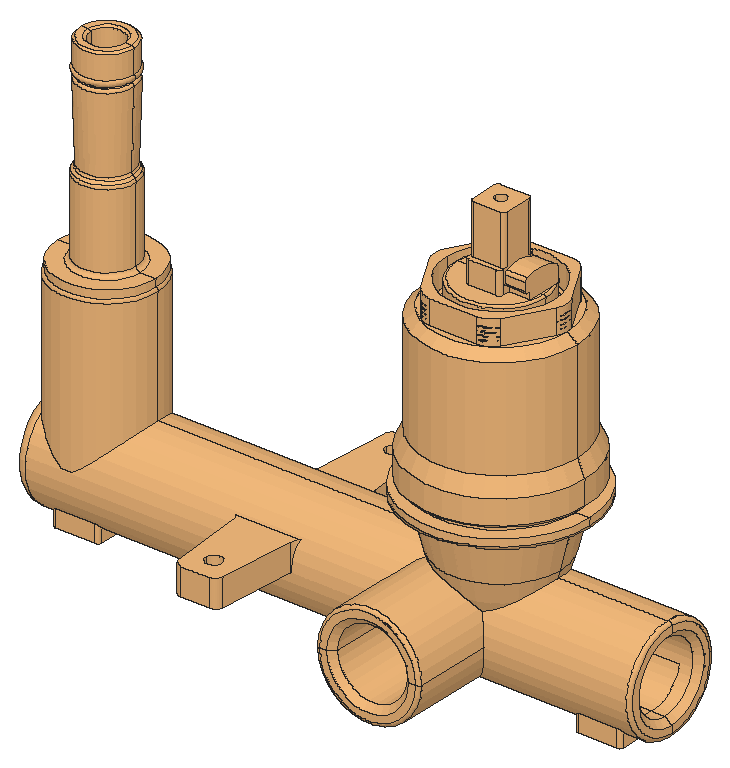
Revit family "Faucet-Valve_Trim-KOHLER-K-26088T_1", category Plumbing Fixtures, host Face, Revit 2017 (continued)
Definition of nested family "K-26088T"
  Lines and regions (in)
    symbolic lines, detail levels medium+fine
      curve 189: line (2.23612, 0.08431, 0) -> (1.76388, 0.08431, 0)
      curve 190: arc (1.76388, 0.08431, 0) -> (1.66546, 0.05794, 0) -> (1.59341, -0.01411, 0) r 0.19685
      curve 191: line (1.59341, -0.01411, 0) -> (1.35729, -0.42308, 0)
      curve 192: arc (1.75536, 0.08413, 0) -> (1.67341, 0.04416, 0) -> (1.59783, -0.00683, 0) r 0.65317
      curve 193: arc (2.40217, -0.00683, 0) -> (2.32659, 0.04416, 0) -> (2.24464, 0.08413, 0) r 0.65317
      curve 194: arc (2.64271, -0.61993, 0) -> (2.66908, -0.5215, 0) -> (2.64271, -0.42308, 0) r 0.19685
      curve 195: arc (2.64681, -0.61246, 0) -> (2.65158, -0.56709, 0) -> (2.65317, -0.5215, 0) r 0.65317
      curve 196: arc (2.65317, -0.5215, 0) -> (2.65158, -0.47592, 0) -> (2.64681, -0.43055, 0) r 0.65317
      curve 197: line (2.40659, -1.02889, 0) -> (2.64271, -0.61993, 0)
      curve 198: arc (2.23612, -1.12732, 0) -> (2.33454, -1.10095, 0) -> (2.40659, -1.02889, 0) r 0.19685
      curve 199: arc (2.24464, -1.12713, 0) -> (2.32659, -1.08717, 0) -> (2.40217, -1.03618, 0) r 0.65317
      curve 200: line (1.76388, -1.12732, 0) -> (2.23612, -1.12732, 0)
      curve 201: arc (1.59341, -1.02889, 0) -> (1.66546, -1.10095, 0) -> (1.76388, -1.12732, 0) r 0.19685
      curve 202: arc (1.59783, -1.03618, 0) -> (1.67341, -1.08717, 0) -> (1.75536, -1.12713, 0) r 0.65317
      curve 203: line (1.35729, -0.61993, 0) -> (1.59341, -1.02889, 0)
      curve 204: arc (1.35729, -0.42308, 0) -> (1.33092, -0.5215, 0) -> (1.35729, -0.61993, 0) r 0.19685
      curve 205: arc (1.34683, -0.5215, 0) -> (1.34842, -0.56709, 0) -> (1.35319, -0.61246, 0) r 0.65317
      curve 206: arc (1.35319, -0.43055, 0) -> (1.34842, -0.47592, 0) -> (1.34683, -0.5215, 0) r 0.65317
      curve 207: circle (2, -0.5215, 0) r 1.02588 normal (0, 0, 1)
    symbolic lines, detail levels coarse
      curve 37: line (0.94404, 1.63386, -0.62034) -> (0.94404, 1.63386, -0.82006)
      curve 38: line (0.36403, 1.63386, -0.62034) -> (0.36403, 1.63386, -0.8172)
      curve 39: line (0.94404, 1.63386, -0.62034) -> (0.36403, 1.63386, -0.8172)
      curve 40: line (0.36403, 1.63386, -0.62034) -> (0.94404, 1.63386, -0.82006)
      curve 41: line (0.65404, 1.63386, -0.71877) -> (0.65404, 1.63386, -1.40775)
      curve 42: line (0.94404, 1.63386, -1.40775) -> (0.65404, 1.63386, -1.40775)
      curve 43: line (0.36403, 1.63386, -1.40775) -> (0.65404, 1.63386, -1.40775)
      curve 44: arc (0.94404, 1.63386, -1.40775) -> (0.65404, 1.63386, -1.55906) -> (0.36403, 1.63386, -1.40775) r 0.35356
  Dimensions and locks (in)
    aligned and locked: plane 2 to level
